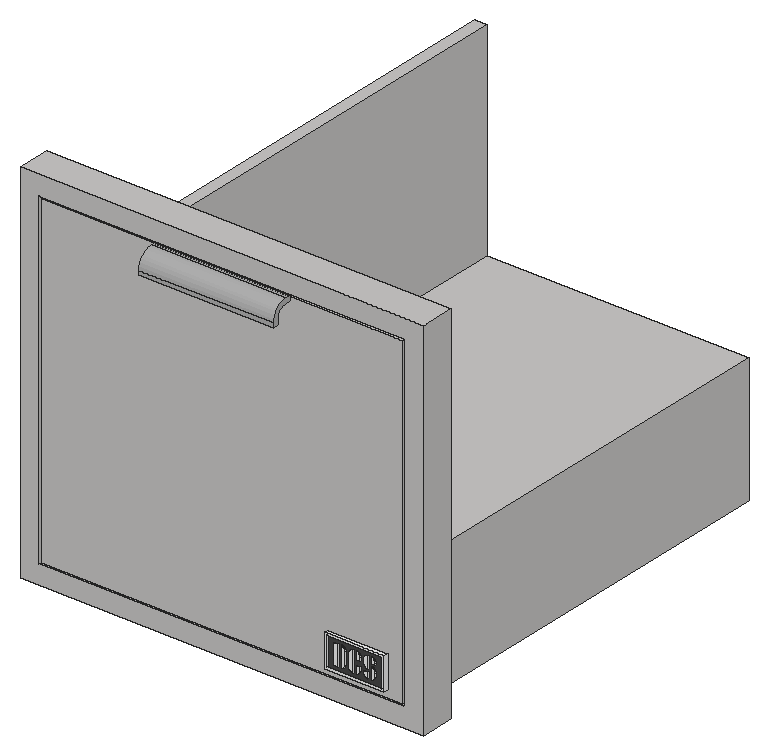
Revit family "DCS_Revit_18_ADR2-24_Storage_593510A", category Specialty Equipment, Revit 2018
Family settings
  Round Connector Dimension = Use Diameter
  Part Type = Normal
  OmniClass Number = 23.40.40.14.17.21
  OmniClass Title = Grills
  Work Plane-Based = No
  Always vertical = Yes
  Cut with Voids When Loaded = Yes
  Shared = No
  Room Calculation Point = No
Parameters (values of type "ADR2-24")
  Visibility - Clearance Required = yes
  URL = "www.dcsappliances.com"
  Product - Width = 610 mm  # constant formula
  Product - Height = 556 mm  # constant formula
  Product - Depth = 676 mm  # constant formula
  Model = "ADR2-24"
  Material - Handle = DCS - Aluminium
  Material - Body = DCS - Stainless Steel
  Manufacturer = "Fisher & Paykel"
  Keynote = ""
  Description = "24\" Access Drawers Built-in"
  Chassis - Width = 559 mm  # constant formula
  Chassis - Height = 507 mm  # constant formula
  Chassis - Depth = 595 mm  # constant formula
  Cavity - Width = 560 mm  # constant formula
  Cavity - Height = 508 mm  # constant formula
  Cavity - Depth = 597 mm  # constant formula
Reference planes
  plane 1 "Center (Front/Back)": y = 0
  plane 2: z = 0
  plane 3 "Center (Left/Right)": x = 0
  plane 4 "Cavity - Height": z = 508
  plane 5 "Product LHS": x = -305
  plane 6 "Product RHS": x = 305
  plane 7 "Product - Depth": y = 595
  plane 8 "Cavity LHS": x = -280
  plane 9 "Cavity RHS": x = 280
  plane 10 "Cavity - Depth": y = 597
  plane 11 "Product - Front": y = -81
  plane 12 "Chassis LHS": x = -279.5
  plane 13 "Chassis RHS": x = 279.5
  plane 14 "Product - Height": z = 531
  plane 15 "Chassis - Height": z = 507
  plane 16 "Product - Lower": z = -25
Forms (mm)
  Extrusion 1, solid, material "DCS - Stainless Steel" <- "Material - Body"
    sketch origin (0, 0, 0) x (1, 0, 0) y (0, 0, 1)
      loop
        line (-305, 531) -> (-305, -25) -> (305, -25) -> (305, 531) -> (-305, 531)
      loop
        line (276.4, 3.6) -> (276.4, 502.4) -> (-276.4, 502.4) -> (-276.4, 3.6) -> (276.4, 3.6)
      loop
        line (-273.2, 6.737) -> (273.2, 6.737) -> (273.2, 499.263) -> (-273.2, 499.263) -> (-273.2, 6.737)
    from 0 to 51
  Extrusion 2, solid, material "DCS - Stainless Steel" <- "Material - Body"
    sketch origin (0, 0, 0) x (1, 0, 0) y (0, 0, 1)
      loop
        line (-133.976, 507) -> (-133.976, 194.016) -> (-279.5, 194.016) -> (-279.5, 0) -> (279.5, 0) -> (279.5, 194.016) -> (-116.293, 194.016) -> (-116.293, 507) -> (-133.976, 507)
    from -595 to 0
  Extrusion 3, solid, material "DCS - Aluminium" <- "Material - Handle"
    sketch origin (0, 0, 0) x (0, 1, 0) y (0, 0, 1)
      loop
        arc (-56.834, 499.263) -> (-73.881, 492.617) -> (-81, 475.763) r 23.509
        line (-81, 475.763) -> (-81, 469.083) -> (-72.17, 469.083) -> (-72.17, 483.453)
        arc (-72.17, 483.453) -> (-66.093, 489.897) -> (-57.56, 492.273) r 16.51
        line (-57.56, 492.273) -> (-51, 492.273) -> (-51, 499.263) -> (-56.834, 499.263)
    from -102 to 102
  Extrusion 4, solid, material "DCS - Clearance Required", visible <- "Visibility - Clearance Required", detail levels coarse
    sketch origin (0, 0, 0) x (0, 1, 0) y (0, 0, 1)
      loop
        line (0, 0) -> (597, 0) -> (597, 508) -> (0, 508) -> (0, 0)
    from -280 to 280
  Extrusion 5, void
    sketch origin (0, 0, 0) x (0, 1, 0) y (0, 0, 1)
      loop
        line (0, 0) -> (597, 0) -> (597, 508) -> (0, 508) -> (0, 0)
    from -280 to 280
  Extrusion 6, solid, material "DCS - Clearance Required", visible <- "Visibility - Clearance Required", detail levels coarse
    sketch origin (0, 0, 0) x (0, 1, 0) y (0, 0, 1)
      loop
        arc (-499.394, 499.263) -> (-514.233, 492.391) -> (-521, 477.505) r 23.509
        line (-521, 477.505) -> (-521, 469.146) -> (-491, 469.146) -> (-491, 6.737) -> (-51, 6.737) -> (-51, 499.263) -> (-491, 499.263) -> (-499.394, 499.263)
    from -273.2 to 273.2
Text (mm)
  text "Due to ongoing product development, product details are subject to change without notice. \nPlease always refer to www.fisherpaykel.com for the most current product information. \n© Fisher & Paykel Appliances Ltd 2020" at (40.13, -602.118, 0), in view "Ref. Level (Plan)"
Dimensions and locks
  equal spacing: plane 5 "Product LHS", plane 3 "Center (Left/Right)", plane 6 "Product RHS"
  "Product - Width": plane 5 "Product LHS" to plane 6 "Product RHS"
  equal spacing: plane 8 "Cavity LHS", plane 3 "Center (Left/Right)", plane 9 "Cavity RHS"
  "Cavity - Width": plane 8 "Cavity LHS" to plane 9 "Cavity RHS"
  "Cavity - Depth": plane 10 "Cavity - Depth" to plane 1 "Center (Front/Back)"
  "Cavity - Height": plane 4 "Cavity - Height" to level
  equal spacing: plane 12 "Chassis LHS", plane 3 "Center (Left/Right)", plane 13 "Chassis RHS"
  "Chassis - Width": plane 12 "Chassis LHS" to plane 13 "Chassis RHS"
  "Product - Depth": plane 7 "Product - Depth" to plane 11 "Product - Front"
  "Chassis - Height": plane 15 "Chassis - Height" to level
  locked: level to plane 16 "Product - Lower" at 25
  "Product - Height": plane 16 "Product - Lower" to plane 14 "Product - Height"
  plane 5 "Product LHS" to plane 6 "Product RHS" = 610 mm
  "Chassis - Depth": plane 7 "Product - Depth" to plane 1 "Center (Front/Back)"
  aligned and locked: level to plane 2
  aligned and locked: plane 13 "Chassis RHS" to Extrusion 2 sketch curve
  aligned and locked: level to Extrusion 2 sketch curve
  aligned and locked: Extrusion 2 sketch curve to plane 12 "Chassis LHS"
  aligned and locked: Extrusion 2 sketch curve to plane 15 "Chassis - Height"
  aligned and locked: plane 1 "Center (Front/Back)" to Extrusion 2
  aligned and locked: plane 7 "Product - Depth" to Extrusion 2
  aligned and locked: Extrusion 4 to plane 9 "Cavity RHS"
  aligned and locked: plane 8 "Cavity LHS" to Extrusion 4
  aligned and locked: plane 10 "Cavity - Depth" to Extrusion 4
  aligned and locked: plane 8 "Cavity LHS" to Extrusion 5
  aligned and locked: Extrusion 5 to plane 9 "Cavity RHS"
  aligned and locked: plane 10 "Cavity - Depth" to Extrusion 5
Automatic sketch dimensions
  Extrusion 3 sketch curve to plane 11 "Product - Front" = 0 mm
  plane 11 "Product - Front" to Extrusion 3 sketch curve = 8.83 mm
  Extrusion 3 sketch curve to Extrusion 3 sketch curve = 14.61 mm
  Extrusion 3 sketch curve to Extrusion 3 sketch curve = 0.069 mm
  Extrusion 3 sketch curve to Extrusion 3 sketch curve = 0.726 mm
  Extrusion 3 sketch curve to Extrusion 3 sketch curve = 6.56 mm
  Extrusion 3 sketch curve to plane 15 "Chassis - Height" = 37.917 mm
  Extrusion 3 sketch curve to Extrusion 3 sketch curve = 6.681 mm
  Extrusion 3 sketch curve to Extrusion 3 sketch curve = 0 mm
  Extrusion 3 sketch curve to Extrusion 3 sketch curve = 7.689 mm
  Extrusion 4 sketch curve to plane 1 "Center (Front/Back)" = 0 mm
  Extrusion 4 sketch curve to plane 4 "Cavity - Height" = 0 mm
  Extrusion 4 sketch curve to plane 10 "Cavity - Depth" = 0 mm
  Extrusion 4 sketch curve to level = 0 mm
  Extrusion 5 sketch curve to plane 1 "Center (Front/Back)" = 0 mm
  Extrusion 5 sketch curve to plane 4 "Cavity - Height" = 0 mm
  plane 10 "Cavity - Depth" to Extrusion 5 sketch curve = 0 mm
  Extrusion 5 sketch curve to level = 0 mm
  Extrusion 2 sketch curve to plane 3 "Center (Left/Right)" = 116.293 mm
  level to Extrusion 2 sketch curve = 194.016 mm
  Extrusion 2 sketch curve to Extrusion 2 sketch curve = 17.682 mm
  Extrusion 2 sketch curve to Extrusion 2 sketch curve = 0 mm
  plane 5 "Product LHS" to Extrusion 1 sketch curve = 0 mm
  plane 6 "Product RHS" to Extrusion 1 sketch curve = 0 mm
  Extrusion 1 sketch curve to plane 16 "Product - Lower" = 0 mm
  Extrusion 1 sketch curve to plane 14 "Product - Height" = 0 mm
  Extrusion 1 sketch curve to Extrusion 1 sketch curve = 3.2 mm
  plane 13 "Chassis RHS" to Extrusion 1 sketch curve = 6.3 mm
  plane 13 "Chassis RHS" to Extrusion 1 sketch curve = 3.1 mm
  level to Extrusion 1 sketch curve = 3.6 mm
  Extrusion 1 sketch curve to Extrusion 1 sketch curve = 3.137 mm  (x2)
  Extrusion 1 sketch curve to plane 15 "Chassis - Height" = 7.737 mm
  Extrusion 1 sketch curve to plane 12 "Chassis LHS" = 3.1 mm
  Extrusion 6 sketch curve to plane 15 "Chassis - Height" = 37.854 mm
  Extrusion 6 sketch curve to plane 15 "Chassis - Height" = 7.737 mm
  Extrusion 6 sketch curve to Extrusion 6 sketch curve = 21.606 mm
  Extrusion 6 sketch curve to Extrusion 6 sketch curve = 1.843 mm
  Extrusion 6 sketch curve to Extrusion 6 sketch curve = 6.551 mm
  Extrusion 6 sketch curve to Extrusion 6 sketch curve = 8.394 mm
  plane 11 "Product - Front" to Extrusion 6 sketch curve = 30 mm
  Extrusion 6 sketch curve to Extrusion 6 sketch curve = 6.681 mm
  level to Extrusion 6 sketch curve = 6.737 mm
  Extrusion 6 sketch curve to plane 11 "Product - Front" = 410 mm
Nested families
  nested 1: "DCS Logo New Large" at (205.5, -51, 42.5), type "DCS Logo New Large"
Definition of nested family "DCS Logo New Large"
  Parameters (values of type "DCS Logo New Large")
    URL = "www.dcsappliances.com"
    Product - Width = 89.45 mm
    Product - Height = 49 mm
    Product - Depth = 6 mm
    Material - Logo = none
    Material - Body = none
    Manufacturer = "Fisher & Paykel Appliances"
  Reference planes
    plane 1 "Center (Front/Back)": y = 0
    plane 2: z = 0
    plane 3 "Center (Left/Right)": x = 0
    plane 4 "Product Top": z = 24.5
    plane 5 "Product LHS": x = -44.725
    plane 6 "Product RHS": x = 44.725
    plane 7 "Product - Depth": y = -6
    plane 8 "Product Bottom": z = -24.5
  Forms (mm)
    Extrusion 1, solid, material <- "Material - Logo", detail levels medium+fine
      sketch origin (0, 0, -0.347) x (1, 0, 0) y (0, 0, 1)
        loop
          line (-44.725, 24.847) -> (-44.725, -24.153) -> (44.725, -24.153) -> (44.725, 24.847) -> (-44.725, 24.847)
        loop
          line (-41.725, 21.847) -> (-41.725, -21.153) -> (41.725, -21.153) -> (41.725, 21.847) -> (-41.725, 21.847)
      from 0 to 6
    Extrusion 2, solid, material <- "Material - Body", detail levels medium+fine
      sketch origin (0, 0, 0) x (1, 0, 0) y (0, 0, 1)
        loop
          line (-41.725, 21.5) -> (-41.725, -21.5) -> (41.725, -21.5) -> (41.725, 21.5) -> (-41.725, 21.5)
      from 0 to 4.974
    Extrusion 3, solid, material <- "Material - Logo", detail levels fine
      sketch origin (0, 0, 0) x (1, 0, 0) y (0, 0, 1)
        loop
          line (-31.141, 15.364) -> (-31.141, -15.364) -> (-25.323, -15.364) -> (-25.323, 15.364) -> (-31.141, 15.364)
        loop
          arc (-20.07, -15.416) -> (-15.93, -13.415) -> (-14.252, -9.134) r 6.301
          line (-14.252, -9.134) -> (-14.252, 9.134)
          arc (-14.252, 9.134) -> (-15.93, 13.414) -> (-20.07, 15.412) r 6.296
          line (-20.07, 15.412) -> (-20.07, -15.416)
        loop
          arc (-8.445, -9.134) -> (-6.767, -13.414) -> (-2.627, -15.412) r 6.296
          line (-2.627, -15.412) -> (-2.627, 15.416)
          arc (-2.627, 15.416) -> (-6.767, 13.415) -> (-8.445, 9.134) r 6.301
          line (-8.445, 9.134) -> (-8.445, -9.134)
        loop
          arc (2.627, -15.377) -> (6.765, -13.401) -> (8.445, -9.134) r 6.259
          line (8.445, -9.134) -> (8.445, -4.011) -> (2.627, -4.011) -> (2.627, -15.377)
        loop
          arc (8.445, 9.134) -> (6.767, 13.414) -> (2.627, 15.412) r 6.296
          line (2.627, 15.412) -> (2.627, 4.011) -> (8.445, 4.011) -> (8.445, 9.134)
        loop
          line (20.07, -2.527) -> (20.07, 15.375)
          arc (20.07, 15.375) -> (15.932, 13.4) -> (14.252, 9.134) r 6.257
          line (14.252, 9.134) -> (14.252, 4.145)
          arc (14.252, 4.145) -> (16.005, -0.199) -> (20.07, -2.527) r 7.155
        loop
          line (14.252, -6.875) -> (14.252, -9.134)
          arc (14.252, -9.134) -> (15.93, -13.414) -> (20.07, -15.412) r 6.296
          line (20.07, -15.412) -> (20.07, -6.875) -> (14.252, -6.875)
        loop
          line (25.323, 2.499) -> (25.323, -15.378)
          arc (25.323, -15.378) -> (29.461, -13.401) -> (31.141, -9.134) r 6.259
          line (31.141, -9.134) -> (31.141, -4.145)
          arc (31.141, -4.145) -> (29.481, 0.271) -> (25.323, 2.499) r 6.702
        loop
          line (25.323, 6.875) -> (31.141, 6.875) -> (31.141, 9.134)
          arc (31.141, 9.134) -> (29.464, 13.419) -> (25.323, 15.427) r 6.313
          line (25.323, 15.427) -> (25.323, 6.875)
      from 4.974 to 6
  Dimensions and locks
    plane 7 "Product - Depth" to plane 1 "Center (Front/Back)" = 6 mm
    equal spacing: Extrusion 1 sketch curve, plane 3 "Center (Left/Right)", Extrusion 1 sketch curve
    "Product - Depth": plane 7 "Product - Depth" to plane 1 "Center (Front/Back)"
    equal spacing: plane 4 "Product Top", level, plane 8 "Product Bottom"
    "Product - Height": plane 4 "Product Top" to plane 8 "Product Bottom"
    equal spacing: plane 5 "Product LHS", plane 3 "Center (Left/Right)", plane 6 "Product RHS"
    "Product - Width": plane 5 "Product LHS" to plane 6 "Product RHS"
    aligned and locked: level to plane 2
    aligned and locked: Extrusion 1 to plane 7 "Product - Depth"
    aligned and locked: Extrusion 3 to plane 7 "Product - Depth"
    aligned and locked: plane 6 "Product RHS" to Extrusion 1 sketch curve
    aligned and locked: Extrusion 1 sketch curve to plane 4 "Product Top"
    aligned and locked: plane 8 "Product Bottom" to Extrusion 1 sketch curve
    aligned and locked: Extrusion 1 sketch curve to plane 5 "Product LHS"
    aligned and locked: Extrusion 2 sketch curve to Extrusion 1  (x4)
  Automatic sketch dimensions
    Extrusion 3 sketch curve to plane 5 "Product LHS" = 13.584 mm
    Extrusion 3 sketch curve to Extrusion 3 sketch curve = 5.818 mm  (x5)
    Extrusion 3 sketch curve to Extrusion 3 sketch curve = 4.771 mm
    Extrusion 3 sketch curve to Extrusion 3 sketch curve = 4.775 mm
    Extrusion 3 sketch curve to Extrusion 3 sketch curve = 6.296 mm
    Extrusion 3 sketch curve to Extrusion 3 sketch curve = 5.807 mm  (x3)
    Extrusion 3 sketch curve to plane 3 "Center (Left/Right)" = 2.627 mm
    Extrusion 3 sketch curve to plane 3 "Center (Left/Right)" = 2.149 mm
    Extrusion 3 sketch curve to plane 3 "Center (Left/Right)" = 2.144 mm
    plane 3 "Center (Left/Right)" to Extrusion 3 sketch curve = 2.148 mm
    plane 3 "Center (Left/Right)" to Extrusion 3 sketch curve = 2.186 mm
    plane 3 "Center (Left/Right)" to Extrusion 3 sketch curve = 2.627 mm  (x2)
    Extrusion 3 sketch curve to level = 2.527 mm
    Extrusion 3 sketch curve to Extrusion 3 sketch curve = 0 mm  (x3)
    Extrusion 3 sketch curve to Extrusion 3 sketch curve = 0.439 mm
    Extrusion 3 sketch curve to Extrusion 3 sketch curve = 0.478 mm
    level to Extrusion 3 sketch curve = 4.504 mm
    Extrusion 3 sketch curve to Extrusion 3 sketch curve = 0.889 mm
    Extrusion 3 sketch curve to Extrusion 3 sketch curve = 4.369 mm
    Extrusion 3 sketch curve to Extrusion 3 sketch curve = 4.32 mm
    Extrusion 3 sketch curve to Extrusion 3 sketch curve = 4.334 mm
    Extrusion 3 sketch curve to Extrusion 3 sketch curve = 5.254 mm  (x3)
    Extrusion 3 sketch curve to Extrusion 3 sketch curve = 6.702 mm
    Extrusion 3 sketch curve to level = 4.011 mm
    Extrusion 3 sketch curve to level = 4.145 mm
    Extrusion 3 sketch curve to Extrusion 3 sketch curve = 2.865 mm
    Extrusion 3 sketch curve to Extrusion 3 sketch curve = 4.989 mm
    Extrusion 3 sketch curve to Extrusion 3 sketch curve = 5.123 mm  (x2)
    Extrusion 3 sketch curve to Extrusion 3 sketch curve = 2.259 mm  (x2)
    Extrusion 3 sketch curve to level = 9.134 mm
    Extrusion 3 sketch curve to Extrusion 3 sketch curve = 6.23 mm  (x2)
    level to Extrusion 3 sketch curve = 4.011 mm
    level to Extrusion 3 sketch curve = 6.875 mm
    level to Extrusion 3 sketch curve = 9.134 mm
    Extrusion 3 sketch curve to Extrusion 3 sketch curve = 4.63 mm
    Extrusion 1 sketch curve to plane 5 "Product LHS" = 3 mm
    Extrusion 1 sketch curve to plane 4 "Product Top" = 3 mm
    plane 8 "Product Bottom" to Extrusion 1 sketch curve = 3 mm
